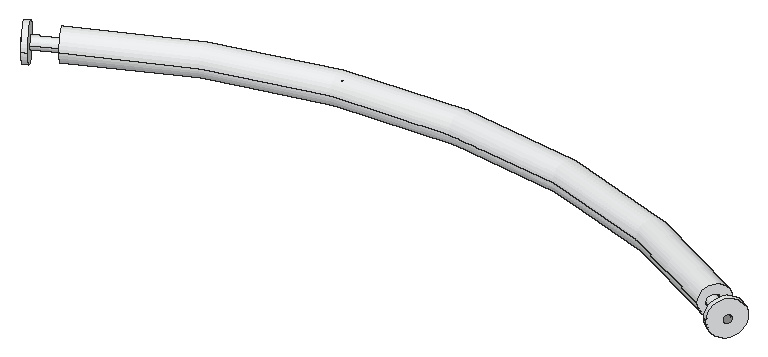
Revit family
Parameters (values of type "B32-83-10")
  URL = "http://viewer.zmags.com/publication/f01ae52f"
  Tube Radius = 16.5 mm
  Tube = RAL 9016
  Thermal Performance = Thermal Performance Constant * Length / 1000 mm  # 220.152
  Socket Radius = 50 mm
  Socket Length = 0.50°
  Socket = RAL 9016
  R = ((K ^ 2) / (8 * H) + (H / 2))  # 1816.667 mm
  Model = "B32-83-10"
  Manufacturer = "Meinertz"  # constant formula
  Length = 2 * 3.14 * R * Alpha / Full Circle  # 2116.846 mm
  Keynote = "B32-83-10"
  K = 2000 mm
  H = 300 mm
  GoGetNo = 6980  # constant formula
  Fins = yes
  Fin Radius = 41.5 mm
  Fin Diameter = Fin Radius * 2  # 83 mm
  Fin = RAL 9016 F
  Full Circle = 360.00°  # constant formula
  Thermal Performance Constant = if(Fin Diameter = 73 mm, 88, if(Fin Diameter = 83 mm, 104, if(Fin Diameter = 92 mm, 88, if(Fin Diameter = 98 mm, 82, if(Fin Diameter = 123 mm, 110, if(Fin Diameter = 139 mm, 133, 180))))))  # 104
  Alpha = 2 * acos((R - H) / R)  # 66.797°
Types (3, lengths in mm): name | Tube Radius | Thermal Performance | Socket Radius | Model | Keynote | Fin Radius | Fin Diameter | Thermal Performance Constant
  (no name) | 16.5 | 220.152 | 50 | "B32-83-10" | "B32-83-10" | 41.5 | 83 | 104
  B32-83-10 | 16.5 | 220.152 | 50 | "B32-83-10" | "B32-83-10" | 41.5 | 83 | 104
  B42-92-10 | 21 | 186.2824 | 40 | "B42-92-10" | "B42-92-10" | 46 | 92 | 88
Reference planes
  plane 1 "Center (Front/Back)": y = 0
  plane 2: z = 0
  plane 3 "Center (Left/Right)": x = 0
  plane 4: y = 877.583
  plane 5: y = -639.084
  plane 6: y = 1177.583
  plane 7: y = 915.687
Forms (mm)
  Sweep 1, solid, material "RAL 9016" <- "Tube"
    path origin (0, 0, 0) x (1, 0, 0) y (0, 1, 0)
      loop
        arc (1000, 877.583) -> (0, 1177.583) -> (-1000, 877.583) r 1816.667
    profile origin (0, 1177.583, 0) x (0, -1, 0) y (0, 0, 1)
      loop
        circle (0, 0) r 16.5
  Sweep 2, solid, material "RAL 9016 F" <- "Fin", visible <- "Fins"
    path origin (0, 0, 0) x (1, 0, 0) y (0, 1, 0)
      loop
        arc (939.662, 915.687) -> (0, 1177.583) -> (-939.662, 915.687) r 1816.667
    profile origin (0, 1177.583, 0) x (0, -1, 0) y (0, 0, 1)
      loop
        circle (0, 0) r 16.5
      loop
        circle (0, 0) r 41.5
  Sweep 3, solid, material "RAL 9016" <- "Socket"
    path origin (0, 0, 0) x (1, 0, 0) y (0, 1, 0)
      loop
        arc (-1000, 877.583) -> (-1006.608, 873.205) -> (-1013.197, 868.798) r 1816.667
    profile origin (-1006.608, 873.205, 0) x (0.554096, -0.832453, 0) y (0, 0, 1)
      loop
        circle (0, 0) r 50
  Sweep 4, solid, material "RAL 9016" <- "Socket"
    path origin (0, 0, 0) x (1, 0, 0) y (0, 1, 0)
      loop
        arc (1013.197, 868.798) -> (1006.608, 873.205) -> (1000, 877.583) r 1816.667
    profile origin (1006.608, 873.205, 0) x (-0.554096, -0.832453, 0) y (0, 0, 1)
      loop
        circle (0, 0) r 50
  Extrusion 5, solid, material "Tap"
    sketch origin (1013.197, 868.798, 0) x (0.557723, 0.830027, 0) y (0, 0, 1)
      loop
        circle (0, 0) r 10
    from 0 to 5
  Extrusion 6, solid, material "Tap"
    sketch origin (-1013.197, 868.798, 0) x (0, 0, 1) y (-0.557723, 0.830027, 0)
      loop
        circle (0, 0) r 10
    from 0 to 5
Lines and regions (mm)
  symbolic lines
    curve 1: arc (1000, 877.583, 0) -> (0, 1177.583, 0) -> (-1000, 877.583, 0) r 1816.667
Dimensions and locks
  "H": plane 6 to plane 4
  "R": plane 6 to plane 5
  "Tube Radius": radius of Sweep 1 sketch curve
  "Tube Radius": radius of Sweep 2 sketch curve
  "Fin Radius": radius of Sweep 2 sketch curve
  "R": radius of curve 1
  "Socket Radius": radius of Sweep 3 sketch curve
  "Socket Radius": radius of Sweep 4 sketch curve
  "Socket Length": angle Sweep 3 sketch curve to Sweep 3 sketch curve
  "Socket Length": angle Sweep 4 sketch curve to Sweep 4 sketch curve
  aligned and locked: Sweep 2 sketch curve to curve 1
  aligned and locked: Sweep 1 sketch curve to curve 1
  aligned and locked: Sweep 3 sketch curve to curve 1
  aligned and locked: Sweep 4 sketch curve to curve 1
Automatic sketch dimensions
  Sweep 1 sketch curve to level = 0 mm
  Sweep 1 sketch curve to profile plane = 0 mm
  Sweep 2 sketch curve to Sweep 2 sketch curve = 0 mm  (x2)
  Sweep 2 sketch curve to level = 0 mm
  Sweep 2 sketch curve to profile plane = 0 mm
  plane 4 to Sweep 2 sketch curve = 38.105 mm  (x2)
  Sweep 1 sketch curve to plane 4 = 0 mm  (x2)
  curve 1 to plane 3 "Center (Left/Right)" = 0 mm
  curve 1 to plane 4 = 0 mm  (x2)
  curve 1 to plane 5 = 0 mm
  Sweep 3 sketch curve to plane 4 = 0 mm
  Sweep 3 sketch curve to level = 0 mm
  Sweep 3 sketch curve to profile plane = 0 mm
  Sweep 4 sketch curve to plane 4 = 0 mm
  Sweep 4 sketch curve to level = 0 mm
  Sweep 4 sketch curve to profile plane = 0 mm
  radius of Extrusion 5 sketch curve = 10 mm
  radius of Extrusion 6 sketch curve = 10 mm
Connectors
  piping at (-1017.347, 866.01, 0)
    settings: on Extrusion 6, index 1, connector radius 10 mm, flow factor 0, pipe flow 0.0 L/s, pressure drop 0.0 Pa, fitting loss kfactor 0, connector angle 0.00°, fixture units 0, flow configuration 1, flow direction 1, fitting loss method 0, system type 22, connector reference index -1, connector utility 0, adjustable connector no, is connector primary yes, fitting loss table "", connector description ""
  piping at (1017.347, 866.01, 0)
    settings: on Extrusion 5, index 2, connector radius 10 mm, flow factor 0, pipe flow 0.0 L/s, pressure drop 0.0 Pa, fitting loss kfactor 0, connector angle 0.00°, fixture units 0, flow configuration 1, flow direction 2, fitting loss method 0, system type 22, connector reference index -1, connector utility 0, adjustable connector no, is connector primary no, fitting loss table "", connector description ""
